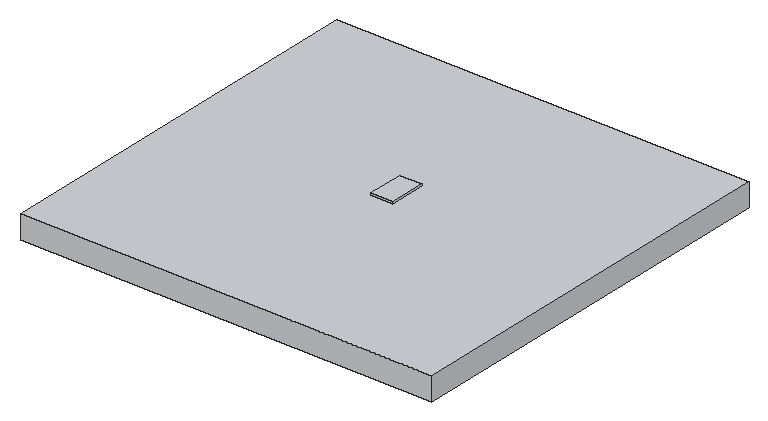
Revit family "M_Tomada de alta voltagem", category Iluminação elétrica, Revit 2019
Family settings
  Hospedeiro = Face
  Manter orientação da anotação = Sim
  Cota do conector redondo = Utilizar diâmetro
  Tipo de parte = Normal
  Número OmniClass = 23.80.50.11.17
  Título OmniClass = Ground Fault Receptacles
  ID de item do Seek = High Voltage Receptacle-0000-CAN-ENU
  Corte com vazios quando carregada = Não
  Compartilhado = Não
  Ponto de cálculo do ambiente = Não
Parameters (values of type "Padrão")
  Voltagem do interruptor = 240 V
  Número de pólos = 2
  Classificação de carga = Receptáculo
  Carga = 180 VA
  Elevação-padrão = 460 mm
  Assembly Code = ""
Reference planes
  plane 1 "Centro (Frente/Trás)": y = 0
  plane 2: z = 0
  plane 3 "Centro (Esquerda/Direita)": x = 0
  plane 4: x = -34.925
  plane 5: x = 34.925
  plane 6: x = -19.05
  plane 7: x = 19.05
  plane 8: y = 57.15
  plane 9: y = -57.15
  plane 10: y = 38.1
  plane 11: y = -38.1
  plane 12 "nível acima": z = 4.762
  plane 13 "nível abaixo": z = -53.975
Forms (mm)
  Extrusion 1, solid
    sketch origin (0, 0, 0) x (1, 0, 0) y (0, 1, 0)
      loop
        line (-644.525, 571.5) -> (-644.525, -666.75) -> (644.525, -666.75) -> (644.525, 571.5) -> (-644.525, 571.5)
    from 0 to -72.672
  Extrusion 2, solid
    sketch origin (0, 0, 0) x (1, 0, 0) y (0, 1, 0)
      loop
        line (-34.925, 57.15) -> (-34.925, -57.15) -> (34.925, -57.15) -> (34.925, 57.15) -> (-34.925, 57.15)
    from 0 to 4.762
  Extrusion 3, solid
    sketch origin (0, 0, 0) x (1, 0, 0) y (0, 1, 0)
      loop
        line (-19.05, 38.1) -> (-19.05, -38.1) -> (19.05, -38.1) -> (19.05, 38.1) -> (-19.05, 38.1)
    from 0 to -53.975
Lines and regions (mm)
  symbolic lines, detail levels fine
    curve 1: line (34.925, 0, 0) -> (-34.925, 0, 0)
    curve 2: line (34.925, 0, 4.762) -> (34.925, 0, 0)
    curve 3: line (-34.925, 0, 4.762) -> (34.925, 0, 4.762)
    curve 4: line (-34.925, 0, 0) -> (-34.925, 0, 4.762)
    curve 5: line (19.05, 0, -53.975) -> (-19.05, 0, -53.975)
    curve 6: line (19.05, 0, 0) -> (19.05, 0, -53.975)
    curve 7: line (-19.05, 0, -53.975) -> (-19.05, 0, 0)
Dimensions and locks
  equal spacing: plane 6, plane 3 "Centro (Esquerda/Direita)", plane 7, locked at 19.05 each
  locked: plane 6 to plane 7 at 38.1
  equal spacing: plane 4, plane 3 "Centro (Esquerda/Direita)", plane 5, locked at 34.925 each
  locked: plane 4 to plane 5 at 69.85
  locked: plane 8 to plane 9 at 114.3
  locked: plane 12 "nível acima" to level at 4.763
  locked: level to plane 13 "nível abaixo" at 53.975
  locked: plane 10 to plane 11 at 76.2
  equal spacing: plane 10, plane 1 "Centro (Frente/Trás)", plane 11, locked at 38.1 each
  equal spacing: plane 8, plane 1 "Centro (Frente/Trás)", plane 9, locked at 57.15 each
  aligned and locked: plane 2 to Extrusion 1
  aligned and locked: level to Extrusion 1
  aligned and locked: plane 8 to Extrusion 2
  aligned and locked: Extrusion 2 to plane 9
  aligned and locked: plane 5 to Extrusion 2
  aligned and locked: Extrusion 2 to plane 4
  aligned and locked: Extrusion 2 to level
  aligned and locked: plane 12 "nível acima" to Extrusion 2
  aligned and locked: plane 10 to Extrusion 3
  aligned and locked: Extrusion 3 to plane 6
  aligned and locked: plane 7 to Extrusion 3
  aligned and locked: Extrusion 3 to plane 11
  aligned and locked: Extrusion 3 to level
  aligned and locked: Extrusion 3 to plane 13 "nível abaixo"
  aligned and locked: curve 4 to plane 4
  aligned and locked: plane 5 to curve 2
  aligned and locked: curve 3 to plane 12 "nível acima"
  aligned and locked: plane 2 to curve 1
  aligned and locked: curve 7 to plane 6
  aligned and locked: plane 7 to curve 6
  aligned and locked: plane 13 "nível abaixo" to curve 5
  aligned and locked: plane 1 "Centro (Frente/Trás)" to nested 1
  aligned and locked: plane 3 "Centro (Esquerda/Direita)" to nested 1
Automatic sketch dimensions
  Extrusion 2 sketch curve to plane 4 = 0 mm
  Extrusion 2 sketch curve to plane 5 = 0 mm
  Extrusion 2 sketch curve to plane 9 = 0 mm
  Extrusion 2 sketch curve to plane 8 = 0 mm
  Extrusion 3 sketch curve to plane 6 = 0 mm
  Extrusion 3 sketch curve to plane 7 = 0 mm
  Extrusion 3 sketch curve to plane 11 = 0 mm
  Extrusion 3 sketch curve to plane 10 = 0 mm
  Extrusion 1 sketch curve to Extrusion 1 sketch curve = 1289.05 mm
  Extrusion 1 sketch curve to Extrusion 1 sketch curve = 1238.25 mm
Nested families
  nested 1: "M_Anotação do tomada de alta voltagem" at (0, 0, 0), type "Anotação da tomada de alta voltagem", detail levels coarse+medium
Connectors
  electrical at (0, 38.1, -26.988), driven by "Voltagem do interruptor", driven by "Carga", driven by "Carga", driven by "Número de pólos", driven by "Classificação de carga"
    settings: on Extrusion 3, index 1, voltage 240 V, apparent load 180 VA, apparent load phase1 180 VA, apparent load phase2 0 VA, apparent load phase3 0 VA, power factor 1, load classification "Receptáculo", number of poles 2, system type 30, power factor state 1, is connector primary yes, connector utility no, sub classification motor no, connector description ""
Definition of nested family "M_Anotação do tomada de alta voltagem"
  Parameters
    Anotação de legenda = "AIM"
  Reference planes
    plane 1: y = 0
    plane 2: x = 0
  Lines and regions (mm)
    Filled region 1, type "Região preenchida 1"
      outline origin (0, 0, 0) x (1, 0, 0) y (0, 1, 0)
        loop
          line (-0.397, 4.712) -> (-0.397, 1.638)
          arc (-0.397, 1.638) -> (0, 1.588) -> (0.397, 1.638) r 1.588
          line (0.397, 1.638) -> (0.397, 4.712)
          arc (0.397, 4.712) -> (0, 4.763) -> (-0.397, 4.712) r 1.588
    reference lines
      curve 1: line (-14.331, 3.175, 0) -> (15.536, 3.175, 0)
    detail lines
      curve 2: circle (0, 3.175, 0) r 1.588 normal (0, 0, 1)
      curve 3: line (-0.397, 4.712, 0) -> (-0.397, 0, 0)
      curve 4: line (0.397, 4.712, 0) -> (0.397, 0, 0)
  Dimensions and locks
    locked: plane 1 to curve 1 at 3.175
    locked: curve 3 to plane 2 at 0.397
    locked: plane 2 to curve 4 at 0.397
    aligned and locked: curve 1 to curve 2
    aligned and locked: plane 2 to curve 2
    aligned and locked: plane 1 to curve 4
